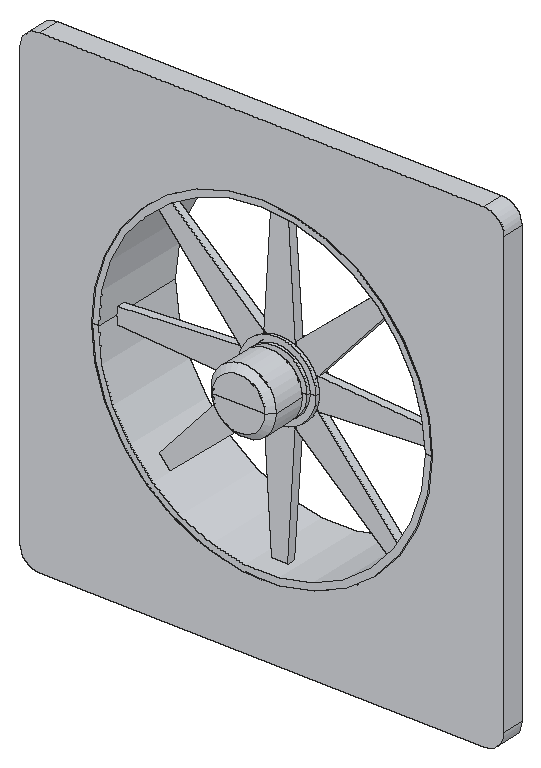
Revit family "CADS_Vent-Axia_MechEquip_Fan_VSP_SabreSicklePlate_1Ph2P - SUPPLY", category Mechanical Equipment, Revit 2020
Family settings
  Round Connector Dimension = Use Diameter
  Part Type = Normal
  OmniClass Number = 23.75.00.00
  OmniClass Title = Climate Control (HVAC)
  Work Plane-Based = No
  Always vertical = Yes
  Cut with Voids When Loaded = No
  Shared = No
  Room Calculation Point = No
Parameters (values of type "VSP25012A")
  WorkingPressure = 0.0 Pa
  WarrantyStartDate [instance] = "1900-12-31T23:59:59"
  WarrantyPeriod = ""
  WarrantyIdentifier = "N/A"
  WarrantyGuarantorParts = "tech@vent-axia.com"
  WarrantyGuarantorLabor = "tech@vent-axia.com"
  WarrantyGuarantor = "Vent-Axia Limited"
  WarrantyEndDate [instance] = "1900-12-31T23:59:59"
  WarrantyContent = ""
  TemperatureRange = ""
  TagNumber [instance] = "N/A"
  SustainabilityPerformance = ""
  Status = "New"
  Size = ""
  Shape = ""
  ServiceLifeType = ""
  ServiceLifeDuration = ""
  SerialNumber [instance] = "N/A"
  ReplacementCost = ""
  RatedVoltage = 0 V
  RatedCurrent = 0 A
  Quantity = 1
  ProductionYear = ""
  PressureCurve = ""
  PowerFactor = ""
  PointOfContact = ""
  NumberOfPoles = 0
  NominalWidth = 370 mm
  NominalLength = 73.4 mm
  NominalHeight = 250 mm
  NominalFrequencyRange = ""
  NominalDiameter = 250 mm
  ModelReference = "OWLET SICKLE PLATE FAN 250 DIA 1PH 2 POLE"
  ModelNumber = "VSP25012A"
  Material = ""
  ManufacturerE-Mail = "tech@vent-axia.com"
  ManufacturerAddress = "Fleming Way\nCrawley \nRH10 9YX"
  IsExtendedWarranty = no
  InsulationStandardClass = ""
  InstallationDate [instance] = "1900-12-31T23:59:59"
  IfcExportType [instance] = ""
  IfcExportAs = "IfcFanType"
  IP_Code = ""
  HasProtectiveEarth = no
  GrossWeight = 0.00 kg
  Grade = ""
  GlobalTradeItemNumber [instance] = "N/A"
  G = 17 mm
  Fitting Type = "Ignore"
  Finish = ""
  Features = ""
  ExteriorInsulation = no
  ExpectedServiceLife = 0
  Exclusions = ""
  E = 34 mm
  DurationUnit = "Year"
  Default Elevation = 0 mm
  Constituents = ""
  ConductorFunction = ""
  Color = ""
  CodePerformance = ""
  Category = ""
  CADS_Usage = 0
  CADS_Index = 0
  AssetType = "FIXED"
  AssetIdentifier [instance] = "N/A"
  AssemblyPlace = "UNKNOWN"
  ArticleNumber [instance] = "N/A"
  AirflowRateRange = 0.0 L/s
  Air Flow [instance] = 0.0 L/s
  AccessibilityPerformance = ""
  A = NominalWidth  # 370 mm
Reference planes
  plane 1 "Center (Front/Back)": y = 0
  plane 2: z = 0
  plane 3 "Center (Left/Right)": x = 0
  plane 4: x = -125
  plane 5: x = 125
  plane 6 "F": y = -17
  plane 7 "B": y = 56.4
  plane 8: x = -185
  plane 9: x = -130
  plane 10 "top": z = 125
  plane 11: z = -125
  plane 12: x = 185
  plane 13: z = 185
  plane 14: z = -185
Forms (mm)
  Revolve 1, solid
    sketch origin (0, 0, 0) x (1, 0, 0) y (0, 1, 0)
      loop
        line (-130, -17) -> (-125, -17) -> (-125, 56.4) -> (-130, 56.4) -> (-130, -17)
      axis (0, 56.4) -> (0, -17)
    angle from 0 to 360
  Extrusion 2, solid
    sketch origin (0, 0, 0) x (1, 0, 0) y (0, 0, 1)
      loop
        arc (-170, 185) -> (-180.607, 180.607) -> (-185, 170) r 15
        line (-185, 170) -> (-185, -170)
        arc (-185, -170) -> (-180.607, -180.607) -> (-170, -185) r 15
        line (-170, -185) -> (170, -185)
        arc (170, -185) -> (180.607, -180.607) -> (185, -170) r 15
        line (185, -170) -> (185, 170)
        arc (185, 170) -> (180.607, 180.607) -> (170, 185) r 15
        line (170, 185) -> (-170, 185)
      loop
        circle (0, 0) r 130
    from 0 to 17 <- "G"
Dimensions and locks
  equal spacing: plane 4, plane 3 "Center (Left/Right)", plane 5
  "NominalLength": plane 7 "B" to plane 6 "F"
  "NominalDiameter": plane 4 to plane 5
  locked: plane 9 to plane 4 at 5
  equal spacing: plane 10 "top", level, plane 11
  "NominalDiameter": plane 10 "top" to plane 11
  equal spacing: plane 12, plane 3 "Center (Left/Right)", plane 8
  "A": plane 12 to plane 8
  equal spacing: plane 13, level, plane 14
  "A": plane 13 to plane 14
  "G": plane 6 "F" to plane 1 "Center (Front/Back)"
  aligned and locked: level to plane 2
  aligned and locked: Extrusion 2 sketch curve to Revolve 1  (x2)
Automatic sketch dimensions
  plane 6 "F" to Revolve 1 sketch curve = 0 mm
  Revolve 1 sketch curve to plane 4 = 0 mm
  Revolve 1 sketch curve to plane 3 "Center (Left/Right)" = 0 mm
  plane 1 "Center (Front/Back)" to Revolve 1 sketch curve = 0 mm
  Revolve 1 sketch curve to plane 7 "B" = 0 mm
  plane 6 "F" to Revolve 1 sketch curve = 115 mm
  Revolve 1 sketch curve to plane 9 = 0 mm
  Extrusion 2 sketch curve to plane 8 = 0 mm
  Extrusion 2 sketch curve to plane 13 = 0 mm
  Extrusion 2 sketch curve to plane 14 = 0 mm
  plane 12 to Extrusion 2 sketch curve = 0 mm
  plane 8 to Extrusion 2 sketch curve = 15 mm  (x2)
  plane 12 to Extrusion 2 sketch curve = 15 mm  (x2)
Nested families
  nested 1: "Fan for ESP" at (0, 0, 0), ND <- "NominalDiameter", BE <- "E", type "Fan for ESP"
    with hub 25 mm, ND 250 mm, BoltPCD 20 mm, Bolt Count 6, B_Diam 5 mm, BE 34 mm
  nested 2: "ESC Blade" at (0, 0, 0), type "ESC Blade"
    with a 20.00°, HR 25 mm, HD 50 mm, BT 12.5 mm, BR 100 mm, BH 40 mm, BD 250 mm, BB 25 mm
  nested 3: "ESC Blade" at (0, 0, 0) x (0.7071, 0, -0.7071) z (0.7071, 0, 0.7071), type "ESC Blade"
    with a 20.00°, HR 25 mm, HD 50 mm, BT 12.5 mm, BR 100 mm, BH 40 mm, BD 250 mm, BB 25 mm
  nested 4: "ESC Blade" at (0, 0, 0) x (0, 0, -1) z (1, 0, 0), type "ESC Blade"
    with a 20.00°, HR 25 mm, HD 50 mm, BT 12.5 mm, BR 100 mm, BH 40 mm, BD 250 mm, BB 25 mm
  nested 5: "ESC Blade" at (0, 0, 0) x (-0.7071, 0, -0.7071) z (0.7071, 0, -0.7071), type "ESC Blade"
    with a 20.00°, HR 25 mm, HD 50 mm, BT 12.5 mm, BR 100 mm, BH 40 mm, BD 250 mm, BB 25 mm
  nested 6: "ESC Blade" at (0, 0, 0) x (-1, 0, 0) z (0, 0, -1), type "ESC Blade"
    with a 20.00°, HR 25 mm, HD 50 mm, BT 12.5 mm, BR 100 mm, BH 40 mm, BD 250 mm, BB 25 mm
  nested 7: "ESC Blade" at (0, 0, 0) x (-0.7071, 0, -0.7071) z (-0.7071, 0, 0.7071), type "ESC Blade"
    with a 20.00°, HR 25 mm, HD 50 mm, BT 12.5 mm, BR 100 mm, BH 40 mm, BD 250 mm, BB 25 mm
  nested 8: "ESC Blade" at (0, 0, 0) x (0, 0, -1) z (-1, 0, 0), type "ESC Blade"
    with a 20.00°, HR 25 mm, HD 50 mm, BT 12.5 mm, BR 100 mm, BH 40 mm, BD 250 mm, BB 25 mm
  nested 9: "ESC Blade" at (0, 0, 0) x (0.7071, 0, -0.7071) z (-0.7071, 0, -0.7071), type "ESC Blade"
    with a 20.00°, HR 25 mm, HD 50 mm, BT 12.5 mm, BR 100 mm, BH 40 mm, BD 250 mm, BB 25 mm
Connectors
  hvac at (0, -17, 0), driven by "NominalDiameter", driven by "Air Flow"
    settings: on Revolve 1, index 1, duct flow 0.0 L/s, flow factor 0, pres drop 0.0 Pa, loss coef 0, conn angle 0.00°, conn width 304.8 mm, conn height 304.8 mm, conn diameter 250 mm, duct sys type 1, conn prof type 0, flow config 0, flow direction 1, loss method 0, conn ref index -1, conn util no, is conn primary yes, conn desc ""
  hvac at (0, 56.4, 0), driven by "NominalDiameter", driven by "Air Flow"
    settings: on Revolve 1, index 2, duct flow 0.0 L/s, flow factor 0, pres drop 0.0 Pa, loss coef 0, conn angle 0.00°, conn width 304.8 mm, conn height 304.8 mm, conn diameter 250 mm, duct sys type 1, conn prof type 0, flow config 1, flow direction 2, loss method 0, conn ref index -1, conn util no, is conn primary no, conn desc ""
Definition of nested family "Fan for ESP"
  Parameters (values of type "Fan for ESP")
    hub [instance] = ND / 10  # 25.1 mm
    ND [instance] = 251 mm
    Model = "."
    Default Elevation = 0 mm
    BoltPCD [instance] = hub - (hub * 0.2)  # 20.08 mm
    Bolt Count [instance] = if(hub < 50 mm, 6, 8)  # 6
    B_Diam [instance] = if(hub < 50 mm, 5 mm, 10 mm)  # 5 mm
    BE [instance] = 84 mm
  Reference planes
    plane 1 "Center (Front/Back)": y = 0
    plane 2: z = 0
    plane 3 "Center (Left/Right)": x = 0
    plane 4 "back": y = 20
    plane 5 "boss": y = -89
    plane 6 "B": z = 25.1
    plane 7: x = -30.1
    plane 8: x = -25.1
    plane 9 "hubface": y = -5
    plane 10: x = -20.1
    plane 11: y = -84
  Forms (mm)
    Revolve 1, solid
      sketch origin (0, 0, 0) x (1, 0, 0) y (0, 1, 0)
        loop
          line (0, -5) -> (0, 10.504) -> (-30.1, 10.504) -> (-30.1, -2.597) -> (-25.1, -2.597) -> (-25.1, -5) -> (0, -5)
        axis (0, 10.504) -> (0, -5)
      angle from 0 to 360
    Extrusion 2, solid, not visible
      sketch origin (0, -6.347, -4) x (-1, 0, 0) y (0, 0, 1)
        loop
          circle (0, 84) r 5
      from 0 to 3
    Revolve 3, solid
      sketch origin (0, 0, 0) x (1, 0, 0) y (0, 1, 0)
        loop
          line (-20.1, -5) -> (-25.1, -10) -> (-25.1, -84) -> (-20.1, -89) -> (0, -89) -> (0, -5) -> (-20.1, -5)
        axis (0, -5) -> (0, -89)
      angle from 0 to 360
  Lines and regions (mm)
    symbolic lines
      curve 1: circle (0, -89, 0) r 20.08 normal (0, 1, 0)
    model lines, not visible
      curve 2: line (0, -6.347, 85) -> (0, -6.347, 75)
  Dimensions and locks
    "hub": plane 6 "B" to plane 2
    "hub": nested 3 to plane 3 "Center (Left/Right)"
    "hub": nested 4 to plane 3 "Center (Left/Right)"
    "hub": nested 5 to plane 3 "Center (Left/Right)"
    "hub": plane 3 "Center (Left/Right)" to nested 6
    "hub": plane 3 "Center (Left/Right)" to nested 7
    "hub": plane 3 "Center (Left/Right)" to nested 8
    "hub": plane 3 "Center (Left/Right)" to nested 9
    "hub": plane 8 to plane 3 "Center (Left/Right)"
    plane 7 to plane 8 = 5 mm
    "BE": plane 5 "boss" to plane 9 "hubface"
    locked: plane 11 to plane 5 "boss" at 5
    plane 8 to plane 10 = 5 mm
    locked: plane 9 "hubface" to plane 1 "Center (Front/Back)" at 5
    diameter of Extrusion 2 sketch curve = 10 mm
    "BoltPCD": radius of curve 1
    aligned and locked: level to plane 2
    aligned and locked: plane 6 "B" to nested 1
  Automatic sketch dimensions
    Revolve 1 sketch curve to plane 7 = 0 mm
    Revolve 1 sketch curve to plane 8 = 0 mm
    Revolve 1 sketch curve to plane 3 "Center (Left/Right)" = 0 mm  (x2)
    Revolve 1 sketch curve to plane 9 "hubface" = 0 mm
    plane 1 "Center (Front/Back)" to Revolve 1 sketch curve = 2.597 mm
    plane 4 "back" to Revolve 1 sketch curve = 5 mm
    plane 4 "back" to Revolve 1 sketch curve = 9.496 mm
    Revolve 1 sketch curve to Revolve 1 sketch curve = 54.496 mm
    Revolve 3 sketch curve to plane 8 = 0 mm
    Revolve 3 sketch curve to plane 5 "boss" = 0 mm
    Revolve 3 sketch curve to plane 10 = 0 mm  (x2)
    Revolve 3 sketch curve to plane 9 "hubface" = 0 mm
    Revolve 3 sketch curve to plane 3 "Center (Left/Right)" = 0 mm  (x2)
    Revolve 3 sketch curve to plane 11 = 0 mm
    Revolve 3 sketch curve to plane 9 "hubface" = 5 mm
    plane 4 "back" to Revolve 3 sketch curve = 4.08 mm
    Revolve 3 sketch curve to plane 4 "back" = 3.828 mm
    curve 1 to level = 0 mm
    curve 1 to plane 3 "Center (Left/Right)" = 0 mm
  Nested families
    nested 1: "ESC Blade" at (0, 0, 0), BD <- "ND", HD <- "hub", type "ESC Blade"
      with a 20.00°, HR 25.1 mm, HD 50.2 mm, BT 12.55 mm, BR 100.4 mm, BH 40 mm, BD 251 mm, BB 25.1 mm
    nested 2: "ESC Blade" at (0, 0, 755), BD <- "ND", HD <- "hub", type "ESC Blade", not visible
      with a 20.00°, HR 25.1 mm, HD 50.2 mm, BT 12.55 mm, BR 100.4 mm, BH 40 mm, BD 251 mm, BB 25.1 mm
    nested 3: "ESC Blade" at (0, 0, 0) x (0.7071, 0, -0.7071) z (0.7071, 0, 0.7071), BD <- "ND", HD <- "hub", type "ESC Blade"
      with a 20.00°, HR 25.1 mm, HD 50.2 mm, BT 12.55 mm, BR 100.4 mm, BH 40 mm, BD 251 mm, BB 25.1 mm
    nested 4: "ESC Blade" at (0, 0, 0) x (0, 0, -1) z (1, 0, 0), BD <- "ND", HD <- "hub", type "ESC Blade"
      with a 20.00°, HR 25.1 mm, HD 50.2 mm, BT 12.55 mm, BR 100.4 mm, BH 40 mm, BD 251 mm, BB 25.1 mm
    nested 5: "ESC Blade" at (0, 0, 0) x (-0.7071, 0, -0.7071) z (0.7071, 0, -0.7071), BD <- "ND", HD <- "hub", type "ESC Blade"
      with a 20.00°, HR 25.1 mm, HD 50.2 mm, BT 12.55 mm, BR 100.4 mm, BH 40 mm, BD 251 mm, BB 25.1 mm
    nested 6: "ESC Blade" at (0, 0, 0) x (-1, 0, 0) z (0, 0, -1), BD <- "ND", HD <- "hub", type "ESC Blade"
      with a 20.00°, HR 25.1 mm, HD 50.2 mm, BT 12.55 mm, BR 100.4 mm, BH 40 mm, BD 251 mm, BB 25.1 mm
    nested 7: "ESC Blade" at (0, 0, 0) x (-0.7071, 0, -0.7071) z (-0.7071, 0, 0.7071), BD <- "ND", HD <- "hub", type "ESC Blade"
      with a 20.00°, HR 25.1 mm, HD 50.2 mm, BT 12.55 mm, BR 100.4 mm, BH 40 mm, BD 251 mm, BB 25.1 mm
    nested 8: "ESC Blade" at (0, 0, 0) x (0, 0, -1) z (-1, 0, 0), BD <- "ND", HD <- "hub", type "ESC Blade"
      with a 20.00°, HR 25.1 mm, HD 50.2 mm, BT 12.55 mm, BR 100.4 mm, BH 40 mm, BD 251 mm, BB 25.1 mm
    nested 9: "ESC Blade" at (0, 0, 0) x (0.7071, 0, -0.7071) z (-0.7071, 0, -0.7071), BD <- "ND", HD <- "hub", type "ESC Blade"
      with a 20.00°, HR 25.1 mm, HD 50.2 mm, BT 12.55 mm, BR 100.4 mm, BH 40 mm, BD 251 mm, BB 25.1 mm
  Definition of nested family "ESC Blade"
    Parameters (values of type "ESC Blade")
      a [instance] = 20.00°
      HR [instance] = HD / 2  # 30 mm
      HD [instance] = BD / 5  # 60 mm
      Default Elevation = 1219.2 mm
      BT [instance] = BD / 20  # 15 mm
      BR [instance] = (BD / 2) - HR  # 120 mm
      BH [instance] = 40 mm
      BD [instance] = 300 mm
      BB [instance] = BD / 10  # 30 mm
    Reference planes
      plane 1 "Center (Front/Back)": y = 0
      plane 2: z = 0
      plane 3 "Center (Left/Right)": x = 0
      plane 4 "Blade Bot": z = 30
      plane 5: x = -15
      plane 6: x = 15
      plane 7: x = -7.5
      plane 8: x = 7.5
    Forms (mm)
      Blend 1, solid
        base sketch origin (0, 0, 30) x (-1, 0, 0) y (0, -1, 0)
          loop
            line (15, 0) -> (-15, 0) -> (-15, -6) -> (15, -6) -> (15, 0)
        top sketch origin (0, 0, 30) x (-1, 0, 0) y (0, -1, 0)
          loop
            line (7.5, -6) -> (7.5, 0) -> (-7.5, 0) -> (-7.5, -6) -> (7.5, -6)
        from 0 to 120 <- "BR"
    Dimensions and locks
      "HR": plane 4 "Blade Bot" to level
      equal spacing: plane 8, plane 3 "Center (Left/Right)", plane 7
      "BT": plane 8 to plane 7
      equal spacing: plane 6, plane 3 "Center (Left/Right)", plane 5
      "BB": plane 6 to plane 5
      aligned and locked: level to plane 2
    Automatic sketch dimensions
      plane 1 "Center (Front/Back)" to Blend 1 sketch curve = 0 mm  (x2)
      Blend 1 sketch curve to plane 6 = 0 mm
      Blend 1 sketch curve to plane 5 = 0 mm
      Blend 1 sketch curve to plane 1 "Center (Front/Back)" = 6 mm  (x2)
      Blend 1 sketch curve to plane 8 = 0 mm
      Blend 1 sketch curve to plane 7 = 0 mm
Definition of nested family "ESC Blade"
  Parameters (values of type "ESC Blade")
    a [instance] = 20.00°
    HR [instance] = HD / 2  # 30 mm
    HD [instance] = BD / 5  # 60 mm
    Default Elevation = 1219.2 mm
    BT [instance] = BD / 20  # 15 mm
    BR [instance] = (BD / 2) - HR  # 120 mm
    BH [instance] = 40 mm
    BD [instance] = 300 mm
    BB [instance] = BD / 10  # 30 mm
  Reference planes
    plane 1 "Center (Front/Back)": y = 0
    plane 2: z = 0
    plane 3 "Center (Left/Right)": x = 0
    plane 4 "Blade Bot": z = 30
    plane 5: x = -15
    plane 6: x = 15
    plane 7: x = -7.5
    plane 8: x = 7.5
  Forms (mm)
    Blend 1, solid
      base sketch origin (0, 0, 30) x (-1, 0, 0) y (0, -1, 0)
        loop
          line (15, 0) -> (-15, 0) -> (-15, -6) -> (15, -6) -> (15, 0)
      top sketch origin (0, 0, 30) x (-1, 0, 0) y (0, -1, 0)
        loop
          line (7.5, -6) -> (7.5, 0) -> (-7.5, 0) -> (-7.5, -6) -> (7.5, -6)
      from 0 to 120 <- "BR"
  Dimensions and locks
    "HR": plane 4 "Blade Bot" to level
    equal spacing: plane 8, plane 3 "Center (Left/Right)", plane 7
    "BT": plane 8 to plane 7
    equal spacing: plane 6, plane 3 "Center (Left/Right)", plane 5
    "BB": plane 6 to plane 5
    aligned and locked: level to plane 2
  Automatic sketch dimensions
    plane 1 "Center (Front/Back)" to Blend 1 sketch curve = 0 mm  (x2)
    Blend 1 sketch curve to plane 6 = 0 mm
    Blend 1 sketch curve to plane 5 = 0 mm
    Blend 1 sketch curve to plane 1 "Center (Front/Back)" = 6 mm  (x2)
    Blend 1 sketch curve to plane 8 = 0 mm
    Blend 1 sketch curve to plane 7 = 0 mm
